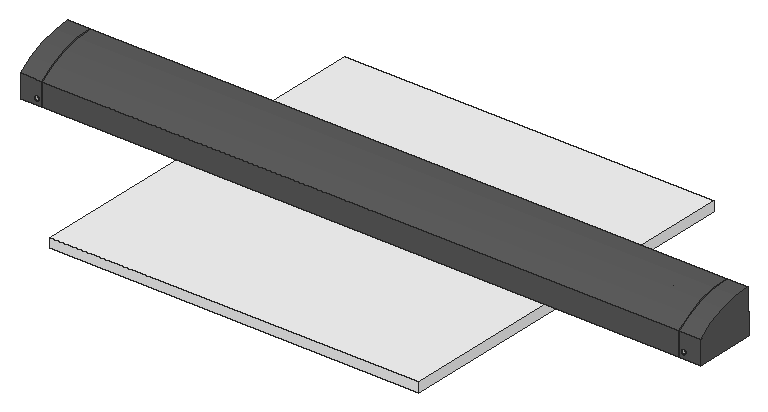
Revit family "BE_51258.5_de_DE", category Leuchten, Revit 2020
Family settings
  Basisbauteil = Fläche
  Bemaßung runder Anschluss = Durchmesser verwenden
  Teiletyp = Normal
  Beim Laden mit Abzugskörper schneiden = Ja
  Lichtquelle = Ja
  Gemeinsam genutzt = Nein
  Raumberechnungspunkt = Ja
Parameters (values of type "BEGA_51258.5_K3")
  built-in parameter 1150104 = 14.452 (stored number, unit not read)
  Wattage = 13.5 W
  Default Elevation = 0 mm
  built-in parameter 1150113 = 1 (stored number, unit not read)
  built-in parameter 1114218 = 1 (stored number, unit not read)
  Umgebungstemperatur = "25 °C"
  URL = "https://www.bega.com/de/produkt/51258.5"
  Typenkommentare = "© 2022 BEGA. Wir behalten uns das Recht vor, technische Änderungen ohne vorherige Ankündigung vorzunehmen."  # constant formula
  built-in parameter 1150134 = (empty or 0)
  built-in parameter 1150109 = 1 (stored number, unit not read)
  built-in parameter 1150110 = 1 (stored number, unit not read)
  Spannung = 239.996 V
  Sonderanfertigung = no
  Seriennummer [instance] = "Hier können Sie die eindeutige Seriennummer für das Facility Management eintragen."
  Schutzklasse = "I"
  Schutzart = "IP 20"
  Scheinlast = 0 VA
  Produktdatenblatt = "https://cdn.bega.com/bega/products/51258.5K3/current/documents/data-sheets/de"
  Neigungswinkel = 0.00°
  Modell = "51258.5K3"
  Material_35 = BEGA_Oberfläche_Samtschwarz_matt
  Material_14 = BEGA_Kunststoff_opal
  Material_06 = BEGA_Oberfläche_Edelstahl_gebürstet
  Material_05 = BEGA_Oberfläche_Aluminium Guss
  M_W = no
  M_G = no
  M_A = no
  Logo = 0
  built-in parameter 1114217 = 1 (stored number, unit not read)
  built-in parameter 1150139 = (empty or 0)
  built-in parameter 1150105 = 167.12 (stored number, unit not read)
  built-in parameter 1150114 = 1 (stored number, unit not read)
  Lumens = 2100.06 lm
  built-in parameter 1150115 = 1 (stored number, unit not read)
  Leuchtenlichtstrom = "960 lm"
  Lebensdauerkriterien = "L70B50 @ 25 °C =  h"
  Lastklassifizierung = Beleuchtung
  built-in parameter 1150112 = 1 (stored number, unit not read)
  Lampenlichtstrom = "2100 lm"
  Lampe = "LED 13.5 W"
  LED_Modulbezeichnung = "LED-1319/930"
  Hersteller = "BEGA"  # constant formula
  Frequenz = "0/50-60 Hz"
  Farbwiedergabeindex = "CRI > 90"
  Farbtemperaturverschiebung bei Dämpfen der Lampe = <Keine Auswahl>
  Farbtemperatur = "3000 K"
  Color Filter = 16777215
  built-in parameter 1150133 = 10 (stored number, unit not read)
  Energieeffizienzklasse = "LED A++ - A"
  built-in parameter 1150137 = (empty or 0)
  built-in parameter 1150132 = (empty or 0)
  Dimmbar [instance] = "DALI"
  Datei für fotometrisches Netz = "BE_51258-5K3_PRE.ies"
  CE_Konformität = "ja"
  Bestellnummer = "51258.5K3"
  Beschreibung_Sonderanfertigung = "Hier können Sie Informationen zur Sonderanfertigung eintragen."
  Beschreibung = "Wandleuchte"
  built-in parameter 1150106 = 1.6712 (stored number, unit not read)
  Befestigungsbohrung = "Ø 4,5 mm"
  Befestigungsabstand = "340 mm"
  BEGA_Intern_aus = yes
  BEGA_Intern_an = yes
  BEGA_Intern_Konstruktion = yes
  BEGA_Intern = yes
  BEGA_IES = yes
  BEGA_Dummy = no
  Anschlussleistung [instance] = "16.5 W"
  built-in parameter 1150107 = 3000 (stored number, unit not read)
  built-in parameter 1150102 = (empty or 0)
  built-in parameter 1150138 = (empty or 0)
  Aktualisierung = "2022-10-28T04:00:04"
  AC/DC = "AC/DC"
Reference planes
  plane 1 "Mitte (Vorne/Hinten)": y = 0
  plane 2: z = 0
  plane 3 "Mitte (Links/Rechts)": x = 0
  plane 4 "Links": x = -368.5
  plane 5 "Rechts": x = 368.5
  plane 6 "Unten": y = -28.98
  plane 7 "Oben": y = 36.02
  plane 8 "Vorne": z = 48
  plane 9 "Hinten": z = 0
Forms (mm)
  Extrusion 1, solid, material "BEGA_Platte_Weiss"
    sketch origin (0, -1119.2, 0) x (1, 0, 0) y (0, 1, 0)
      loop
        line (-200, 1319.2) -> (-200, 919.2) -> (200, 919.2) -> (200, 1319.2) -> (-200, 1319.2)
    from 0 to -10
  Extrusion 2, solid, material "BEGA_Dummy_matt", visible <- "BEGA_Dummy"
    sketch origin (80.095, -76.023, 0) x (1, 0, 0) y (0, 1, 0)
      loop
        line (-448.595, 112.043) -> (-448.595, 47.043) -> (288.405, 47.043) -> (288.405, 112.043) -> (-448.595, 112.043)
    from 0 to 48
Dimensions and locks
  plane 1 "Mitte (Vorne/Hinten)" to Extrusion 1 = 200 mm
  aligned and locked: plane 2 to Extrusion 1
  aligned and locked: level to Extrusion 1
Nested families
  nested 1: "BE_51258.5_Leuchte" at (0, 0, 0), type "BE_51258.5_Leuchte"
Connectors
  electrical at (0, 0, 0), driven by "Lastklassifizierung", driven by "Spannung", driven by "Scheinlast"
    settings: index 1, voltage 239.996 V, apparent load 0 VA, apparent load phase1 0 VA, apparent load phase2 0 VA, apparent load phase3 0 VA, power factor 1, load classification "Beleuchtung", number of poles 1, system type 31, power factor state 1, is connector primary yes, connector utility no, sub classification motor no, connector description ""
Definition of nested family "BE_51258.5_Leuchte"
  Parameters (values of type "BE_51258.5_Leuchte")
    Default Elevation = 1 mm
    URL = "http://www.bega.de/de/produkt"
    Type Comments = "© 2015 BEGA. Wir behalten uns das Recht vor, technische Änderungen ohne vorherige Ankündigung vorzunehmen. "  # constant formula
    Type Image = (empty or 0)
    Material_35 = none
    Material_14 = none
    Material_06 = none
    Material_05 = none
    Länge_Platte = 800 mm  # constant formula
    Höhe_Platte = -10 mm  # constant formula
    Manufacturer = "BEGA"  # constant formula
    Breite_Platte = 200 mm  # constant formula
  Reference planes
    plane 1 "Mitte (Oben/Unten)": y = 0
    plane 2: z = 0
    plane 3 "Mitte (Links/Rechts)": x = 0
    plane 4: z = 48
    plane 5: y = -28.98
    plane 6: y = 36.02
    plane 7: z = 0
    plane 8: x = 368.5
    plane 9: x = -368.5
  Forms (mm)
    Extrusion 1, solid, detail levels medium
      sketch origin (0, 0, 0) x (1, 0, 0) y (0, 1, 0)
        loop
          line (-400, 100) -> (-400, -100) -> (400, -100) -> (400, 100) -> (-400, 100)
      from 0 to -10 <- "Höhe_Platte"
    Extrusion 2, solid, material <- "Material_05"
      sketch origin (0, 0, 0) x (0, 1, 0) y (0, 0, 1)
        loop
          line (-23.48, 4) -> (-25.98, 1.5) -> (-25.979, 0) -> (-22.981, 0) -> (-22.981, 1) -> (17.02, 1) -> (17.02, 0) -> (20.02, 0) -> (20.02, 1.5) -> (17.52, 4) -> (-23.48, 4)
      from -359 to 359
    Extrusion 3, void
      sketch origin (0, 0, 0) x (1, 0, 0) y (0, 1, 0)
        loop
          line (342.75, -0.729) -> (337.25, -0.729)
          arc (337.25, -0.729) -> (335, -2.979) -> (337.25, -5.229) r 2.25
          line (337.25, -5.229) -> (342.75, -5.229)
          arc (342.75, -5.229) -> (345, -2.979) -> (342.75, -0.729) r 2.25
        loop
          arc (318, -9.979) -> (325, -2.979) -> (318, 4.021) r 7
          line (318, 4.021) -> (267, 4.021)
          arc (267, 4.021) -> (260, -2.979) -> (267, -9.979) r 7
          line (267, -9.979) -> (318, -9.979)
        loop
          arc (238, -9.979) -> (245, -2.979) -> (238, 4.021) r 7
          line (238, 4.021) -> (187, 4.021)
          arc (187, 4.021) -> (180, -2.979) -> (187, -9.979) r 7
          line (187, -9.979) -> (238, -9.979)
        loop
          arc (158, -9.979) -> (165, -2.979) -> (158, 4.021) r 7
          line (158, 4.021) -> (107, 4.021)
          arc (107, 4.021) -> (100, -2.979) -> (107, -9.979) r 7
          line (107, -9.979) -> (158, -9.979)
        loop
          arc (78, -9.979) -> (85, -2.979) -> (78, 4.021) r 7
          line (78, 4.021) -> (27, 4.021)
          arc (27, 4.021) -> (20, -2.979) -> (27, -9.979) r 7
          line (27, -9.979) -> (78, -9.979)
        loop
          line (-2.75, -5.229) -> (2.75, -5.229)
          arc (2.75, -5.229) -> (5, -2.979) -> (2.75, -0.729) r 2.25
          line (2.75, -0.729) -> (-2.75, -0.729)
          arc (-2.75, -0.729) -> (-5, -2.979) -> (-2.75, -5.229) r 2.25
        loop
          arc (-27, -9.979) -> (-20, -2.979) -> (-27, 4.021) r 7
          line (-27, 4.021) -> (-78, 4.021)
          arc (-78, 4.021) -> (-85, -2.979) -> (-78, -9.979) r 7
          line (-78, -9.979) -> (-27, -9.979)
        loop
          line (-337.75, -5.729) -> (-337.75, -0.229)
          arc (-337.75, -0.229) -> (-340, 2.021) -> (-342.25, -0.229) r 2.25
          line (-342.25, -0.229) -> (-342.25, -5.729)
          arc (-342.25, -5.729) -> (-340, -7.979) -> (-337.75, -5.729) r 2.25
      from 1 to 4
    Extrusion 4, solid, material <- "Material_35"
      sketch origin (0, 0, 0) x (0, 1, 0) y (0, 0, 1)
        loop
          line (-28.98, 25.462) -> (-28.98, 0.283) -> (-27.697, 0.283) -> (-24.98, 3) -> (-24.98, 24.78) -> (-0.665, 30.842) -> (14.023, 10.627) -> (17.52, 4) -> (21.237, 0.283) -> (36.02, 0.283) -> (36.02, 8.159)
          arc (36.02, 8.159) -> (32.849, 8.078) -> (29.688, 8.332) r 29.876
          line (29.688, 8.332) -> (22.988, 3.481) -> (13.077, 17.032) -> (20.113, 22.144)
          arc (20.113, 22.144) -> (21.971, 28.1) -> (25.024, 33.54) r 29.876
          arc (25.024, 33.54) -> (30.138, 39.627) -> (36.02, 44.975) r 59.221
          line (36.02, 44.975) -> (36.02, 48)
          arc (36.02, 48) -> (1.622, 42.206) -> (-28.98, 25.462) r 105
      from -345 to 345
    Extrusion 5, solid, material <- "Material_35"
      sketch origin (0, 0, 0) x (0, 1, 0) y (0, 0, 1)
        loop
          arc (36.02, 48) -> (1.622, 42.206) -> (-28.98, 25.462) r 105
          line (-28.98, 25.462) -> (-28.98, 0.283) -> (36.02, 0.283) -> (36.02, 48)
      from -368.5 to -345
    Extrusion 6, solid, material <- "Material_35"
      sketch origin (0, 0, 0) x (0, 1, 0) y (0, 0, -1)
        loop
          line (36.02, -48) -> (36.02, -0.283) -> (-28.98, -0.283) -> (-28.98, -25.462)
          arc (-28.98, -25.462) -> (1.622, -42.206) -> (36.02, -48) r 105
      from -368.5 to -345
    Extrusion 7, void
      sketch origin (0, 0, 0) x (0, 1, 0) y (0, 0, 1)
        loop
          line (13.077, 17.032) -> (22.988, 3.481) -> (29.688, 8.332) -> (20.113, 22.144) -> (13.077, 17.032)
      from -363 to -332.2
    Extrusion 8, void
      sketch origin (0, 0, 0) x (0, 1, 0) y (0, 0, -1)
        loop
          line (13.077, -17.032) -> (20.113, -22.144) -> (29.688, -8.332) -> (22.988, -3.481) -> (13.077, -17.032)
      from -363 to -332.2
    Revolve 9, void
      sketch origin (345, 0, 0) x (0, 1, 0) y (0, 0, -1)
        loop
          line (25, -15.094) -> (47.906, -31.737) -> (56.823, -16.343)
          arc (56.823, -16.343) -> (49.92, -12.401) -> (42.55, -9.419) r 59.221
          arc (42.55, -9.419) -> (36.178, -8.172) -> (29.688, -8.332) r 29.876
          line (29.688, -8.332) -> (25, -15.094)
        axis (24.852, -14.987) -> (47.906, -31.737)
      angle from 0 to 360
    Revolve 10, void
      sketch origin (-345, 0, 0) x (0, 1, 0) y (0, 0, 1)
        loop
          line (25, 15.094) -> (29.688, 8.332)
          arc (29.688, 8.332) -> (36.178, 8.172) -> (42.55, 9.419) r 29.876
          arc (42.55, 9.419) -> (49.92, 12.401) -> (56.823, 16.343) r 59.221
          line (56.823, 16.343) -> (47.906, 31.737) -> (25, 15.094)
        axis (24.852, 14.987) -> (47.906, 31.737)
      angle from 0 to 360
    Extrusion 11, void
      sketch origin (0, 0, 0) x (0, 1, 0) y (0, 0, 1)
        loop
          line (21.237, 0.283) -> (17.52, 4) -> (-23.98, 4) -> (-27.697, 0.283) -> (21.237, 0.283)
      from 344.989 to 362.705
    Extrusion 12, void
      sketch origin (0, 0, 0) x (0, 1, 0) y (0, 0, -1)
        loop
          line (21.237, -0.283) -> (-27.697, -0.283) -> (-23.98, -4) -> (17.52, -4) -> (21.237, -0.283)
      from 344.989 to 362.705
    Extrusion 13, solid, material <- "Material_14"
      sketch origin (0, 0, 0) x (0, 1, 0) y (0, 0, 1)
        loop
          line (22.072, 23.197) -> (18.907, 20.897) -> (19.597, 19.894) -> (15.674, 16.861) -> (16.775, 15.345) -> (20.419, 17.855)
          arc (20.419, 17.855) -> (20.836, 18.263) -> (21.117, 18.774) r 2
          arc (21.117, 18.774) -> (31.768, 20.229) -> (27.093, 10.549) r 6.1
          arc (27.093, 10.549) -> (26.52, 10.439) -> (26.003, 10.169) r 2
          line (26.003, 10.169) -> (22.425, 7.569) -> (23.601, 5.951) -> (27.646, 8.89) -> (28.439, 7.798) -> (31.588, 10.086)
          arc (31.588, 10.086) -> (33.388, 21.402) -> (22.072, 23.197) r 8.1
      from -363 to 363
    Extrusion 14, void
      sketch origin (0, 0, 0) x (1, 0, 0) y (0, 0, 1)
        loop
          circle (-350.5, 7) r 2.2
        loop
          circle (350.5, 7) r 2.2
      from 17.033 to 28.98
    Extrusion 15, solid, material <- "Material_06"
      sketch origin (0, 0, 0) x (1, 0, 0) y (0, 0, 1)
        loop
          circle (350.5, 7) r 2.2
        loop
          circle (-350.5, 7) r 2.2
      from 17.785 to 28.98
  Cuts and joins
    Extrusion 3 cuts Extrusion 2
    Extrusion 7, Extrusion 8, Extrusion 11 cuts Extrusion 4
    Extrusion 7, Extrusion 8, Revolve 10, Extrusion 12, Extrusion 14 cuts Extrusion 5
    Extrusion 8, Revolve 9, Revolve 10, Extrusion 11, Extrusion 12, Extrusion 14 cuts Extrusion 6
  Dimensions and locks
    equal spacing: Extrusion 1 sketch curve, plane 3 "Mitte (Links/Rechts)", Extrusion 1 sketch curve
    equal spacing: Extrusion 1 sketch curve, plane 1 "Mitte (Oben/Unten)", Extrusion 1 sketch curve
    "Länge_Platte": Extrusion 1 sketch curve to Extrusion 1 sketch curve
    "Breite_Platte": Extrusion 1 sketch curve to Extrusion 1 sketch curve
    plane 1 "Mitte (Oben/Unten)" to Extrusion 1 = 100 mm  (x3)
    aligned and locked: Extrusion 1 to plane 2
    aligned and locked: Extrusion 1 to level
  Automatic sketch dimensions
    Extrusion 2 sketch curve to level = 0 mm  (x2)
    level to Extrusion 2 sketch curve = 1.5 mm  (x2)
    plane 1 "Mitte (Oben/Unten)" to Extrusion 2 sketch curve = 25.98 mm
    Extrusion 2 sketch curve to Extrusion 2 sketch curve = 0.001 mm
    Extrusion 2 sketch curve to Extrusion 2 sketch curve = 2.5 mm
    Extrusion 2 sketch curve to Extrusion 2 sketch curve = 2.998 mm
    level to Extrusion 2 sketch curve = 1 mm
    Extrusion 2 sketch curve to plane 1 "Mitte (Oben/Unten)" = 17.02 mm
    Extrusion 2 sketch curve to Extrusion 2 sketch curve = 0 mm  (x2)
    level to Extrusion 2 sketch curve = 4 mm
    Extrusion 2 sketch curve to Extrusion 2 sketch curve = 0.5 mm
    Extrusion 2 sketch curve to Extrusion 2 sketch curve = 3 mm
    plane 1 "Mitte (Oben/Unten)" to Extrusion 3 sketch curve = 0.229 mm
    Extrusion 3 sketch curve to plane 3 "Mitte (Links/Rechts)" = 342.25 mm
    Extrusion 3 sketch curve to Extrusion 3 sketch curve = 2.25 mm  (x3)
    plane 1 "Mitte (Oben/Unten)" to Extrusion 3 sketch curve = 2.979 mm  (x6)
    Extrusion 3 sketch curve to plane 3 "Mitte (Links/Rechts)" = 78 mm
    plane 1 "Mitte (Oben/Unten)" to Extrusion 3 sketch curve = 9.979 mm  (x2)
    Extrusion 3 sketch curve to plane 3 "Mitte (Links/Rechts)" = 27 mm
    Extrusion 3 sketch curve to plane 3 "Mitte (Links/Rechts)" = 2.75 mm
    plane 3 "Mitte (Links/Rechts)" to Extrusion 3 sketch curve = 2.75 mm
    Extrusion 3 sketch curve to Extrusion 3 sketch curve = 24.25 mm
    Extrusion 3 sketch curve to Extrusion 3 sketch curve = 51 mm  (x4)
    Extrusion 3 sketch curve to Extrusion 3 sketch curve = 29 mm  (x3)
    Extrusion 3 sketch curve to plane 1 "Mitte (Oben/Unten)" = 4.021 mm  (x3)
    Extrusion 3 sketch curve to Extrusion 3 sketch curve = 19.25 mm
    Extrusion 3 sketch curve to Extrusion 3 sketch curve = 5.5 mm  (x2)
    plane 1 "Mitte (Oben/Unten)" to Extrusion 3 sketch curve = 5.229 mm
    level to Extrusion 4 sketch curve = 0.283 mm  (x2)
    plane 1 "Mitte (Oben/Unten)" to Extrusion 4 sketch curve = 28.98 mm
    Extrusion 4 sketch curve to Extrusion 4 sketch curve = 1.283 mm
    Extrusion 4 sketch curve to Extrusion 4 sketch curve = 4 mm
    plane 1 "Mitte (Oben/Unten)" to Extrusion 4 sketch curve = 0.665 mm
    Extrusion 4 sketch curve to plane 1 "Mitte (Oben/Unten)" = 13.077 mm
    Extrusion 4 sketch curve to Extrusion 4 sketch curve = 0.947 mm
    level to Extrusion 4 sketch curve = 4 mm
    Extrusion 4 sketch curve to Extrusion 4 sketch curve = 3.497 mm
    Extrusion 4 sketch curve to Extrusion 4 sketch curve = 7.037 mm
    Extrusion 4 sketch curve to Extrusion 4 sketch curve = 3.717 mm
    level to Extrusion 4 sketch curve = 3.481 mm
    Extrusion 4 sketch curve to Extrusion 4 sketch curve = 1.75 mm
    level to Extrusion 4 sketch curve = 8.332 mm
    Extrusion 4 sketch curve to Extrusion 4 sketch curve = 6.7 mm
    Extrusion 4 sketch curve to Extrusion 4 sketch curve = 13.551 mm
    Extrusion 4 sketch curve to plane 1 "Mitte (Oben/Unten)" = 36.02 mm
    Extrusion 4 sketch curve to Extrusion 4 sketch curve = 6.332 mm
    Extrusion 4 sketch curve to Extrusion 4 sketch curve = 13.387 mm
    Extrusion 4 sketch curve to level = 1.42 mm
    Extrusion 4 sketch curve to Extrusion 4 sketch curve = 23.42 mm
    Extrusion 4 sketch curve to level = 57 mm
    level to Extrusion 4 sketch curve = 3 mm
    Extrusion 4 sketch curve to Extrusion 4 sketch curve = 0.173 mm
    Extrusion 4 sketch curve to Extrusion 4 sketch curve = 6.627 mm
    Extrusion 4 sketch curve to Extrusion 4 sketch curve = 8.116 mm
    Extrusion 4 sketch curve to Extrusion 4 sketch curve = 6.405 mm
    Extrusion 4 sketch curve to Extrusion 4 sketch curve = 5.113 mm
    Extrusion 4 sketch curve to Extrusion 4 sketch curve = 21.78 mm
    Extrusion 4 sketch curve to Extrusion 4 sketch curve = 0.682 mm
    Extrusion 4 sketch curve to Extrusion 4 sketch curve = 13.811 mm
    Extrusion 4 sketch curve to Extrusion 4 sketch curve = 3.025 mm
    level to Extrusion 5 sketch curve = 0.283 mm
    plane 1 "Mitte (Oben/Unten)" to Extrusion 5 sketch curve = 28.98 mm
    Extrusion 5 sketch curve to plane 1 "Mitte (Oben/Unten)" = 36.02 mm
    Extrusion 5 sketch curve to level = 57 mm
    Extrusion 5 sketch curve to Extrusion 5 sketch curve = 25.179 mm
    level to Extrusion 6 sketch curve = 0.283 mm
    plane 1 "Mitte (Oben/Unten)" to Extrusion 6 sketch curve = 28.98 mm
    Extrusion 6 sketch curve to plane 1 "Mitte (Oben/Unten)" = 36.02 mm
    Extrusion 6 sketch curve to Extrusion 6 sketch curve = 25.179 mm
    Extrusion 6 sketch curve to Extrusion 6 sketch curve = 47.717 mm
    Extrusion 7 sketch curve to plane 1 "Mitte (Oben/Unten)" = 13.077 mm
    Extrusion 7 sketch curve to Extrusion 7 sketch curve = 7.037 mm
    level to Extrusion 7 sketch curve = 3.481 mm
    Extrusion 7 sketch curve to Extrusion 7 sketch curve = 9.911 mm
    level to Extrusion 7 sketch curve = 8.332 mm
    Extrusion 7 sketch curve to Extrusion 7 sketch curve = 6.7 mm
    Extrusion 7 sketch curve to Extrusion 7 sketch curve = 13.55 mm
    Extrusion 7 sketch curve to Extrusion 7 sketch curve = 5.113 mm
    Extrusion 8 sketch curve to plane 1 "Mitte (Oben/Unten)" = 13.077 mm
    Extrusion 8 sketch curve to Extrusion 8 sketch curve = 7.037 mm
    level to Extrusion 8 sketch curve = 3.481 mm
    Extrusion 8 sketch curve to Extrusion 8 sketch curve = 9.911 mm
    level to Extrusion 8 sketch curve = 8.332 mm
    Extrusion 8 sketch curve to Extrusion 8 sketch curve = 6.7 mm
    Extrusion 8 sketch curve to Extrusion 8 sketch curve = 13.55 mm
    Extrusion 8 sketch curve to Extrusion 8 sketch curve = 5.113 mm
    Revolve 9 sketch curve to Extrusion 6 = 11.949 mm
    Revolve 9 sketch curve to Extrusion 6 = 11.02 mm
    Revolve 9 sketch curve to Extrusion 6 = 6.332 mm
    Revolve 9 sketch curve to Extrusion 6 = 2.356 mm
    Extrusion 6 to Revolve 9 sketch curve = 11.886 mm
    Revolve 9 sketch curve to Revolve 9 sketch curve = 8.918 mm
    Revolve 9 sketch curve to Extrusion 6 = 65.4 mm
    Revolve 9 sketch curve to Revolve 9 sketch curve = 27.741 mm
    Revolve 9 sketch curve to Revolve 9 sketch curve = 6.205 mm
    Revolve 9 sketch curve to Extrusion 6 = 16.06 mm
    Revolve 9 sketch curve to Extrusion 6 = 14.812 mm
    Revolve 9 sketch curve to Extrusion 6 = 8.05 mm
    Revolve 9 sketch curve to Revolve 9 sketch curve = 0 mm  (x4)
    Revolve 10 sketch curve to plane 1 "Mitte (Oben/Unten)" = 24.071 mm
    Revolve 10 sketch curve to plane 1 "Mitte (Oben/Unten)" = 25 mm
    level to Revolve 10 sketch curve = 8.332 mm
    Revolve 10 sketch curve to Revolve 10 sketch curve = 4.688 mm
    Revolve 10 sketch curve to Revolve 10 sketch curve = 8.664 mm
    Revolve 10 sketch curve to Revolve 10 sketch curve = 14.242 mm
    level to Revolve 10 sketch curve = 16.343 mm
    Revolve 10 sketch curve to Revolve 10 sketch curve = 8.918 mm
    Revolve 10 sketch curve to Revolve 10 sketch curve = 6.762 mm
    Revolve 10 sketch curve to Revolve 10 sketch curve = 15.394 mm
    Revolve 10 sketch curve to Revolve 10 sketch curve = 6.205 mm
    Revolve 10 sketch curve to Revolve 10 sketch curve = 27.741 mm
    Revolve 10 sketch curve to Revolve 10 sketch curve = 0 mm  (x4)
    level to Extrusion 11 sketch curve = 0.283 mm
    plane 1 "Mitte (Oben/Unten)" to Extrusion 11 sketch curve = 27.697 mm
    Extrusion 11 sketch curve to Extrusion 11 sketch curve = 3.717 mm  (x2)
    level to Extrusion 11 sketch curve = 4 mm
    Extrusion 11 sketch curve to plane 1 "Mitte (Oben/Unten)" = 17.52 mm
    level to Extrusion 12 sketch curve = 0.283 mm
    plane 1 "Mitte (Oben/Unten)" to Extrusion 12 sketch curve = 27.697 mm
    Extrusion 12 sketch curve to Extrusion 12 sketch curve = 3.717 mm  (x2)
    level to Extrusion 12 sketch curve = 4 mm
    Extrusion 12 sketch curve to plane 1 "Mitte (Oben/Unten)" = 17.52 mm
    Extrusion 13 sketch curve to Extrusion 13 sketch curve = 0 mm  (x7)
    Extrusion 13 sketch curve to plane 1 "Mitte (Oben/Unten)" = 15.674 mm
    Extrusion 13 sketch curve to Extrusion 13 sketch curve = 3.233 mm
    Extrusion 13 sketch curve to Extrusion 13 sketch curve = 0.336 mm
    Extrusion 13 sketch curve to Extrusion 13 sketch curve = 0.354 mm
    level to Extrusion 13 sketch curve = 7.569 mm
    Extrusion 13 sketch curve to Extrusion 13 sketch curve = 6.751 mm
    level to Extrusion 13 sketch curve = 5.951 mm
    Extrusion 13 sketch curve to Extrusion 13 sketch curve = 1.176 mm  (x3)
    level to Extrusion 13 sketch curve = 10.169 mm
    Extrusion 13 sketch curve to Extrusion 13 sketch curve = 0.83 mm
    level to Extrusion 13 sketch curve = 8.89 mm
    Extrusion 13 sketch curve to Extrusion 13 sketch curve = 0.467 mm
    level to Extrusion 13 sketch curve = 7.798 mm
    Extrusion 13 sketch curve to Extrusion 13 sketch curve = 0.794 mm
    level to Extrusion 13 sketch curve = 10.086 mm
    Extrusion 13 sketch curve to Extrusion 13 sketch curve = 3.149 mm
    Extrusion 13 sketch curve to Extrusion 13 sketch curve = 0.339 mm
    Extrusion 13 sketch curve to Extrusion 13 sketch curve = 6.475 mm
    Extrusion 13 sketch curve to Extrusion 13 sketch curve = 0.217 mm
    Extrusion 13 sketch curve to Extrusion 13 sketch curve = 2.612 mm
    Extrusion 13 sketch curve to Extrusion 13 sketch curve = 0.421 mm
    Extrusion 13 sketch curve to Extrusion 13 sketch curve = 1.003 mm
    Extrusion 13 sketch curve to Extrusion 13 sketch curve = 1.101 mm
    Extrusion 13 sketch curve to Extrusion 13 sketch curve = 0.698 mm
    Extrusion 13 sketch curve to Extrusion 13 sketch curve = 3.165 mm
    Extrusion 13 sketch curve to Extrusion 13 sketch curve = 1.09 mm
    Extrusion 13 sketch curve to Extrusion 13 sketch curve = 1.516 mm
    Extrusion 13 sketch curve to Extrusion 13 sketch curve = 0.92 mm
    level to Extrusion 15 sketch curve = 7 mm  (x2)
    Extrusion 15 sketch curve to plane 3 "Mitte (Links/Rechts)" = 350.5 mm
    plane 3 "Mitte (Links/Rechts)" to Extrusion 15 sketch curve = 350.5 mm
    radius of Extrusion 15 sketch curve = 2.2 mm  (x2)
